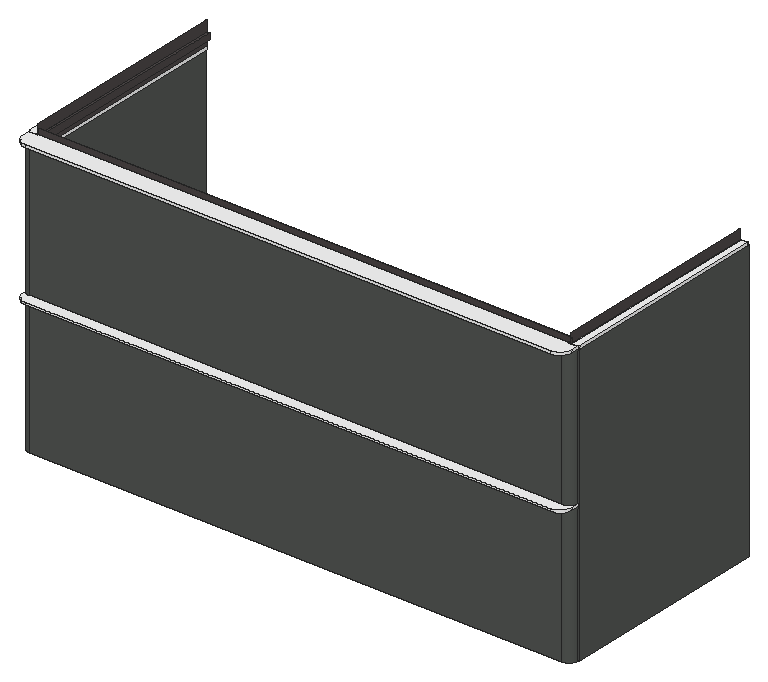
Revit family "vanity unit with 2 drawers", category Furniture, Revit 2019 (continued)
Definition of nested family "vanity unit 980_475 with 2 drawers for washbasin-54031700-high gloss white-matt_white-400_content"
  Forms (mm)
    Extrusion 6, solid, visible <- "ContentVisible", detail levels medium+fine
      sketch origin (0, 0, 305) x (1, 0, 0) y (0, 1, 0)
        loop
          line (-490, -455) -> (-490, -457)
          arc (-490, -457) -> (-484.435, -470.435) -> (-471, -476) r 19
          line (-471, -476) -> (471, -476)
          arc (471, -476) -> (484.435, -470.435) -> (490, -457) r 19
          line (490, -457) -> (490, -455) -> (-490, -455)
      from 0 to 295
    Extrusion 7, solid, visible <- "ContentVisible", detail levels medium+fine
      sketch origin (0, 0, 297) x (1, 0, 0) y (0, 1, 0)
        loop
          line (-488.5, -455) -> (-488.5, -471)
          arc (-488.5, -471) -> (-481.178, -488.678) -> (-463.5, -496) r 25
          line (-463.5, -496) -> (463.5, -496)
          arc (463.5, -496) -> (481.178, -488.678) -> (488.5, -471) r 25
          line (488.5, -471) -> (488.5, -455) -> (468.5, -455) -> (468.5, -453.5) -> (-468.5, -453.5) -> (-468.5, -455) -> (-488.5, -455)
      from 0 to 5
    Extrusion 8, solid, visible <- "ContentVisible", detail levels medium+fine
      sketch origin (0, 0, 0) x (0, 0, -1) y (0, 1, 0)
        loop
          line (-297, -453.5) -> (-297, -455) -> (-267, -455) -> (-267, -453.5) -> (-297, -453.5)
      from -468.5 to 468.5
    Extrusion 9, solid, visible <- "ContentVisible", detail levels medium+fine
      sketch origin (0, 0, 600) x (1, 0, 0) y (0, 1, 0)
        loop
          line (-488.5, -455) -> (-488.5, -471)
          arc (-488.5, -471) -> (-481.178, -488.678) -> (-463.5, -496) r 25
          line (-463.5, -496) -> (463.5, -496)
          arc (463.5, -496) -> (481.178, -488.678) -> (488.5, -471) r 25
          line (488.5, -471) -> (488.5, -455) -> (468.5, -455) -> (468.5, -453.5) -> (-468.5, -453.5) -> (-468.5, -455) -> (-488.5, -455)
      from 0 to 5
    Extrusion 10, solid, visible <- "ContentVisible", detail levels medium+fine
      sketch origin (0, 0, 0) x (0, 0, -1) y (0, 1, 0)
        loop
          line (-600, -453.5) -> (-600, -455) -> (-570, -455) -> (-570, -453.5) -> (-600, -453.5)
      from -468.5 to 468.5
    Extrusion 11, solid, visible <- "ContentVisible", detail levels medium+fine
      sketch origin (0, 0, 0) x (1, 0, 0) y (0, 0, -1)
        loop
          line (-474, -566.8) -> (-474, -605) -> (-472.5, -605) -> (-472.5, -566.8) -> (-474, -566.8)
      from -455 to 0
    Extrusion 12, solid, visible <- "ContentVisible", detail levels medium+fine
      sketch origin (0, 0, 0) x (1, 0, 0) y (0, 0, -1)
        loop
          line (472.5, -566.8) -> (472.5, -605) -> (474, -605) -> (474, -566.8) -> (472.5, -566.8)
      from -455 to 0
    Extrusion 13, solid, visible <- "ContentVisible", detail levels medium+fine
      sketch origin (0, 0, 600) x (1, 0, 0) y (0, 1, 0)
        loop
          line (-490, -3) -> (-490, -452)
          arc (-490, -452) -> (-489.121, -454.121) -> (-487, -455) r 3
          line (-487, -455) -> (-474, -455) -> (-474, 0) -> (-487, 0)
          arc (-487, 0) -> (-489.121, -0.879) -> (-490, -3) r 3
      from 0 to 5
    Extrusion 14, solid, visible <- "ContentVisible", detail levels medium+fine
      sketch origin (0, 0, 600) x (1, 0, 0) y (0, 1, 0)
        loop
          line (474, 0) -> (474, -455) -> (487, -455)
          arc (487, -455) -> (489.121, -454.121) -> (490, -452) r 3
          line (490, -452) -> (490, -3)
          arc (490, -3) -> (489.121, -0.879) -> (487, 0) r 3
          line (487, 0) -> (474, 0)
      from 0 to 5
    Extrusion 15, solid, visible <- "ContentVisible", detail levels medium+fine
      sketch origin (0, 0, 0) x (1, 0, 0) y (0, 0, -1)
        loop
          line (-472.5, -575.3) -> (-472.5, -624.5) -> (-471, -624.5) -> (-471, -602.8) -> (-466.4, -602.8) -> (-466.4, -588.3) -> (-471, -588.3) -> (-471, -575.3) -> (-472.5, -575.3)
      from -453.5 to 0
    Extrusion 16, solid, visible <- "ContentVisible", detail levels medium+fine
      sketch origin (0, 0, 0) x (1, 0, 0) y (0, 0, -1)
        loop
          line (466.4, -588.3) -> (466.4, -602.8) -> (471, -602.8) -> (471, -624.5) -> (472.5, -624.5) -> (472.5, -575.3) -> (471, -575.3) -> (471, -588.3) -> (466.4, -588.3)
      from -453.5 to 0
    Extrusion 17, solid, visible <- "ContentVisible", detail levels medium+fine
      sketch origin (0, 0, 0) x (0, 0, -1) y (0, 1, 0)
        loop
          line (-616, -453.5) -> (-567, -453.5) -> (-567, -452) -> (-588.5, -452) -> (-588.5, -447.4) -> (-603, -447.4) -> (-603, -452) -> (-616, -452) -> (-616, -453.5)
      from -472.5 to 472.5
    Extrusion 18, solid, visible <- "ContentVisible", detail levels coarse
      sketch origin (0, -248, 0) x (1, 0, 0) y (0, 1, 0)
        loop
          line (-490, -248) -> (490, -248) -> (490, 248) -> (-490, 248) -> (-490, -248)
      from 0 to 624.5
  Dimensions and locks
    aligned and locked: level to plane 2
Definition of nested family "vanity unit 980_475 with 2 drawers for washbasin-54032000-diamond matt grey-chrome-200_content"
  Parameters (values of type "Vanity unit 980_475 with 2 drawers for washbasin-54032000-Diamond Matt Grey-CHROME-200_Content")
    etim7_EC011381 = "EC011381"
    WEIGHT = "39.8"
    UNSPSC = "56 | Furniture and Furnishings"
    UNIFORMATII = "E2010 | Fixed Furnishings"
    UNICLASS_2015_CODE = "40_30_78_05"
    UNICLASS2015 = "Pr_40_30_78_05 | Bathroom furniture"
    SURFACE = "CHROME"
    REGIONSET = "Worldwide"
    PRODUCTURL = "https://pro.hansgrohe.com/articledetail--54032000"
    PRODUCTGROUP = "vanity unit"
    PRODUCTFAMILY = "Xelu Q"
    PERMALINK = "54032XXX"
    OMNICLASS = "23-21 19 15 33 13 | Residential Bathroom Specialty Casework"
    OBJECTTYPE = "Object (single object)"
    OBERFLAECHE = "Diamond Matt Grey"
    NN = "Vanity Unit with 2 Drawers"
    NBSYN = "$BASENUMBER.-$ARTNR.-$OBERFLAECHE.-$SURFACE.-$LODLEVEL."
    NB = "Vanity unit 980/475 with 2 drawers for washbasin-54032000-Diamond Matt Grey-CHROME-200"
    NAME = "Xelu Q Vanity unit Diamond Matt Grey 980/475 with 2 drawers for washbasin"
    Model = "Vanity unit 980/475 with 2 drawers for washbasin-54032000-Diamond Matt Grey-CHROME-200"
    Manufacturer = "Hansgrohe"
    MASTERFORMAT = "12 35 30.23 | Bathroom Casework"
    LODLEVEL = "200"
    LINA = "Vanity unit 980/475 with 2 drawers for washbasin-54032000-Diamond Matt Grey-CHROME-200"
    L = 980
    IFC = "Furnishing element"
    GTINCODE = "4059625455395"
    ETIM = "EC011381 | Bathroom furniture set"
    Default Elevation = 1219.2 mm
    DESIGN = "Germany"
    ContentVisible [instance] = yes
    CATALOG = "Hansgrohe"
    BIMOBJECT = "Sanitary: Compound units"
    BASENUMBER = "Vanity unit 980/475 with 2 drawers for washbasin"
    ARTNR = "54032000"
  Reference planes
    plane 1 "Center (Front/Back)": y = 0
    plane 2: z = 0
    plane 3 "Center (Left/Right)": x = 0
  Forms (mm)
    Extrusion 1, solid, visible <- "ContentVisible", detail levels medium+fine
      sketch origin (0, 0, 0) x (1, 0, 0) y (0, 1, 0)
        loop
          line (-490, 0) -> (-490, -476) -> (490, -476) -> (490, 0) -> (474, 0) -> (474, -72) -> (-474, -72) -> (-474, 0) -> (-490, 0)
      from 0 to 600
    Extrusion 2, solid, visible <- "ContentVisible", detail levels medium+fine
      sketch origin (0, 0, 297) x (1, 0, 0) y (0, 1, 0)
        loop
          line (-488.5, -453.5) -> (-488.5, -496) -> (488.5, -496) -> (488.5, -453.5) -> (-488.5, -453.5)
      from 0 to 5
    Extrusion 3, solid, visible <- "ContentVisible", detail levels medium+fine
      sketch origin (0, 0, 600) x (1, 0, 0) y (0, 1, 0)
        loop
          line (-488.5, -453.5) -> (-488.5, -496) -> (488.5, -496) -> (488.5, -453.5) -> (-488.5, -453.5)
      from 0 to 5
    Extrusion 4, solid, visible <- "ContentVisible", detail levels medium+fine
      sketch origin (0, 0, 0) x (1, 0, 0) y (0, 0, -1)
        loop
          line (-474, -566.8) -> (-474, -605) -> (-472.5, -605) -> (-472.5, -566.8) -> (-474, -566.8)
      from -455 to 0
    Extrusion 5, solid, visible <- "ContentVisible", detail levels medium+fine
      sketch origin (0, 0, 0) x (1, 0, 0) y (0, 0, -1)
        loop
          line (472.5, -566.8) -> (472.5, -605) -> (474, -605) -> (474, -566.8) -> (472.5, -566.8)
      from -455 to 0
    Extrusion 6, solid, visible <- "ContentVisible", detail levels medium+fine
      sketch origin (0, 0, 600) x (1, 0, 0) y (0, 1, 0)
        loop
          line (-490, 0) -> (-490, -455) -> (-474, -455) -> (-474, 0) -> (-490, 0)
      from 0 to 5
    Extrusion 7, solid, visible <- "ContentVisible", detail levels medium+fine
      sketch origin (0, 0, 600) x (1, 0, 0) y (0, 1, 0)
        loop
          line (474, 0) -> (474, -455) -> (490, -455) -> (490, 0) -> (474, 0)
      from 0 to 5
    Extrusion 8, solid, visible <- "ContentVisible", detail levels medium+fine
      sketch origin (0, 0, 0) x (1, 0, 0) y (0, 0, -1)
        loop
          line (-472.5, -575.3) -> (-472.5, -624.5) -> (-466.4, -624.5) -> (-466.4, -575.3) -> (-472.5, -575.3)
      from -453.5 to 0
    Extrusion 9, solid, visible <- "ContentVisible", detail levels medium+fine
      sketch origin (0, 0, 0) x (1, 0, 0) y (0, 0, -1)
        loop
          line (466.4, -575.3) -> (466.4, -624.5) -> (472.5, -624.5) -> (472.5, -575.3) -> (466.4, -575.3)
      from -453.5 to 0
    Extrusion 10, solid, visible <- "ContentVisible", detail levels medium+fine
      sketch origin (0, 0, 0) x (0, 0, -1) y (0, 1, 0)
        loop
          line (-616, -453.5) -> (-567, -453.5) -> (-567, -447.4) -> (-616, -447.4) -> (-616, -453.5)
      from -472.5 to 472.5
    Extrusion 11, solid, visible <- "ContentVisible", detail levels coarse
      sketch origin (0, -248, 0) x (1, 0, 0) y (0, 1, 0)
        loop
          line (-490, -248) -> (490, -248) -> (490, 248) -> (-490, 248) -> (-490, -248)
      from 0 to 624.5
  Dimensions and locks
    aligned and locked: level to plane 2
Definition of nested family "vanity unit 980_475 with 2 drawers for washbasin-54032000-diamond matt grey-chrome-400_content"
  Parameters (values of type "Vanity unit 980_475 with 2 drawers for washbasin-54032000-Diamond Matt Grey-CHROME-400_Content")
    etim7_EC011381 = "EC011381"
    WEIGHT = "39.8"
    UNSPSC = "56 | Furniture and Furnishings"
    UNIFORMATII = "E2010 | Fixed Furnishings"
    UNICLASS_2015_CODE = "40_30_78_05"
    UNICLASS2015 = "Pr_40_30_78_05 | Bathroom furniture"
    SURFACE = "CHROME"
    REGIONSET = "Worldwide"
    PRODUCTURL = "https://pro.hansgrohe.com/articledetail--54032000"
    PRODUCTGROUP = "vanity unit"
    PRODUCTFAMILY = "Xelu Q"
    PERMALINK = "54032XXX"
    OMNICLASS = "23-21 19 15 33 13 | Residential Bathroom Specialty Casework"
    OBJECTTYPE = "Object (single object)"
    OBERFLAECHE = "Diamond Matt Grey"
    NN = "Vanity Unit with 2 Drawers"
    NBSYN = "$BASENUMBER.-$ARTNR.-$OBERFLAECHE.-$SURFACE.-$LODLEVEL."
    NB = "Vanity unit 980/475 with 2 drawers for washbasin-54032000-Diamond Matt Grey-CHROME-400"
    NAME = "Xelu Q Vanity unit Diamond Matt Grey 980/475 with 2 drawers for washbasin"
    Model = "Vanity unit 980/475 with 2 drawers for washbasin-54032000-Diamond Matt Grey-CHROME-400"
    Manufacturer = "Hansgrohe"
    MASTERFORMAT = "12 35 30.23 | Bathroom Casework"
    LODLEVEL = "400"
    LINA = "Vanity unit 980/475 with 2 drawers for washbasin-54032000-Diamond Matt Grey-CHROME-400"
    L = 980
    IFC = "Furnishing element"
    GTINCODE = "4059625455395"
    ETIM = "EC011381 | Bathroom furniture set"
    Default Elevation = 1219.2 mm
    DESIGN = "Germany"
    ContentVisible [instance] = yes
    CATALOG = "Hansgrohe"
    BIMOBJECT = "Sanitary: Compound units"
    BASENUMBER = "Vanity unit 980/475 with 2 drawers for washbasin"
    ARTNR = "54032000"
  Reference planes
    plane 1 "Center (Front/Back)": y = 0
    plane 2: z = 0
    plane 3 "Center (Left/Right)": x = 0
  Forms (mm)
    Extrusion 1, solid, visible <- "ContentVisible", detail levels medium+fine
      sketch origin (0, 0, 0) x (1, 0, 0) y (0, 1, 0)
        loop
          line (-490, 0) -> (-490, -452)
          arc (-490, -452) -> (-489.121, -454.121) -> (-487, -455) r 3
          line (-487, -455) -> (-474, -455) -> (-474, 0) -> (-490, 0)
      from 0 to 600
    Extrusion 2, solid, visible <- "ContentVisible", detail levels medium+fine
      sketch origin (0, 0, 2) x (1, 0, 0) y (0, 1, 0)
        loop
          line (-474, -88) -> (-474, -455) -> (474, -455) -> (474, -88) -> (-474, -88)
      from 0 to 16
    Extrusion 3, solid, visible <- "ContentVisible", detail levels medium+fine
      sketch origin (0, 0, 0) x (1, 0, 0) y (0, 1, 0)
        loop
          line (474, 0) -> (474, -455) -> (487, -455)
          arc (487, -455) -> (489.121, -454.121) -> (490, -452) r 3
          line (490, -452) -> (490, 0) -> (474, 0)
      from 0 to 600
    Extrusion 4, solid, visible <- "ContentVisible", detail levels medium+fine
      sketch origin (0, 0, 2) x (1, 0, 0) y (0, 1, 0)
        loop
          line (-474, -72) -> (-474, -88) -> (474, -88) -> (474, -72) -> (-474, -72)
      from 0 to 126
    Extrusion 5, solid, visible <- "ContentVisible", detail levels medium+fine
      sketch origin (0, 0, 2) x (1, 0, 0) y (0, 1, 0)
        loop
          line (-490, -455) -> (-490, -457)
          arc (-490, -457) -> (-484.435, -470.435) -> (-471, -476) r 19
          line (-471, -476) -> (471, -476)
          arc (471, -476) -> (484.435, -470.435) -> (490, -457) r 19
          line (490, -457) -> (490, -455) -> (-490, -455)
      from 0 to 295
    Extrusion 6, solid, visible <- "ContentVisible", detail levels medium+fine
      sketch origin (0, 0, 305) x (1, 0, 0) y (0, 1, 0)
        loop
          line (-490, -455) -> (-490, -457)
          arc (-490, -457) -> (-484.435, -470.435) -> (-471, -476) r 19
          line (-471, -476) -> (471, -476)
          arc (471, -476) -> (484.435, -470.435) -> (490, -457) r 19
          line (490, -457) -> (490, -455) -> (-490, -455)
      from 0 to 295
    Extrusion 7, solid, visible <- "ContentVisible", detail levels medium+fine
      sketch origin (0, 0, 297) x (1, 0, 0) y (0, 1, 0)
        loop
          line (-488.5, -455) -> (-488.5, -471)
          arc (-488.5, -471) -> (-481.178, -488.678) -> (-463.5, -496) r 25
          line (-463.5, -496) -> (463.5, -496)
          arc (463.5, -496) -> (481.178, -488.678) -> (488.5, -471) r 25
          line (488.5, -471) -> (488.5, -455) -> (468.5, -455) -> (468.5, -453.5) -> (-468.5, -453.5) -> (-468.5, -455) -> (-488.5, -455)
      from 0 to 5
    Extrusion 8, solid, visible <- "ContentVisible", detail levels medium+fine
      sketch origin (0, 0, 0) x (0, 0, -1) y (0, 1, 0)
        loop
          line (-297, -453.5) -> (-297, -455) -> (-267, -455) -> (-267, -453.5) -> (-297, -453.5)
      from -468.5 to 468.5
    Extrusion 9, solid, visible <- "ContentVisible", detail levels medium+fine
      sketch origin (0, 0, 600) x (1, 0, 0) y (0, 1, 0)
        loop
          line (-488.5, -455) -> (-488.5, -471)
          arc (-488.5, -471) -> (-481.178, -488.678) -> (-463.5, -496) r 25
          line (-463.5, -496) -> (463.5, -496)
          arc (463.5, -496) -> (481.178, -488.678) -> (488.5, -471) r 25
          line (488.5, -471) -> (488.5, -455) -> (468.5, -455) -> (468.5, -453.5) -> (-468.5, -453.5) -> (-468.5, -455) -> (-488.5, -455)
      from 0 to 5
    Extrusion 10, solid, visible <- "ContentVisible", detail levels medium+fine
      sketch origin (0, 0, 0) x (0, 0, -1) y (0, 1, 0)
        loop
          line (-600, -453.5) -> (-600, -455) -> (-570, -455) -> (-570, -453.5) -> (-600, -453.5)
      from -468.5 to 468.5
    Extrusion 11, solid, visible <- "ContentVisible", detail levels medium+fine
      sketch origin (0, 0, 0) x (1, 0, 0) y (0, 0, -1)
        loop
          line (-474, -566.8) -> (-474, -605) -> (-472.5, -605) -> (-472.5, -566.8) -> (-474, -566.8)
      from -455 to 0
    Extrusion 12, solid, visible <- "ContentVisible", detail levels medium+fine
      sketch origin (0, 0, 0) x (1, 0, 0) y (0, 0, -1)
        loop
          line (472.5, -566.8) -> (472.5, -605) -> (474, -605) -> (474, -566.8) -> (472.5, -566.8)
      from -455 to 0
    Extrusion 13, solid, visible <- "ContentVisible", detail levels medium+fine
      sketch origin (0, 0, 600) x (1, 0, 0) y (0, 1, 0)
        loop
          line (-490, -3) -> (-490, -452)
          arc (-490, -452) -> (-489.121, -454.121) -> (-487, -455) r 3
          line (-487, -455) -> (-474, -455) -> (-474, 0) -> (-487, 0)
          arc (-487, 0) -> (-489.121, -0.879) -> (-490, -3) r 3
      from 0 to 5
    Extrusion 14, solid, visible <- "ContentVisible", detail levels medium+fine
      sketch origin (0, 0, 600) x (1, 0, 0) y (0, 1, 0)
        loop
          line (474, 0) -> (474, -455) -> (487, -455)
          arc (487, -455) -> (489.121, -454.121) -> (490, -452) r 3
          line (490, -452) -> (490, -3)
          arc (490, -3) -> (489.121, -0.879) -> (487, 0) r 3
          line (487, 0) -> (474, 0)
      from 0 to 5
    Extrusion 15, solid, visible <- "ContentVisible", detail levels medium+fine
      sketch origin (0, 0, 0) x (1, 0, 0) y (0, 0, -1)
        loop
          line (-472.5, -575.3) -> (-472.5, -624.5) -> (-471, -624.5) -> (-471, -602.8) -> (-466.4, -602.8) -> (-466.4, -588.3) -> (-471, -588.3) -> (-471, -575.3) -> (-472.5, -575.3)
      from -453.5 to 0
    Extrusion 16, solid, visible <- "ContentVisible", detail levels medium+fine
      sketch origin (0, 0, 0) x (1, 0, 0) y (0, 0, -1)
        loop
          line (466.4, -588.3) -> (466.4, -602.8) -> (471, -602.8) -> (471, -624.5) -> (472.5, -624.5) -> (472.5, -575.3) -> (471, -575.3) -> (471, -588.3) -> (466.4, -588.3)
      from -453.5 to 0
    Extrusion 17, solid, visible <- "ContentVisible", detail levels medium+fine
      sketch origin (0, 0, 0) x (0, 0, -1) y (0, 1, 0)
        loop
          line (-616, -453.5) -> (-567, -453.5) -> (-567, -452) -> (-588.5, -452) -> (-588.5, -447.4) -> (-603, -447.4) -> (-603, -452) -> (-616, -452) -> (-616, -453.5)
      from -472.5 to 472.5
    Extrusion 18, solid, visible <- "ContentVisible", detail levels coarse
      sketch origin (0, -248, 0) x (1, 0, 0) y (0, 1, 0)
        loop
          line (-490, -248) -> (490, -248) -> (490, 248) -> (-490, 248) -> (-490, -248)
      from 0 to 624.5
  Dimensions and locks
    aligned and locked: level to plane 2
Definition of nested family "vanity unit 980_475 with 2 drawers for washbasin-54032670-diamond matt grey-matt_black-200_content"
  Parameters (values of type "Vanity unit 980_475 with 2 drawers for washbasin-54032670-Diamond Matt Grey-MATT_BLACK-200_Content")
    etim7_EC011381 = "EC011381"
    WEIGHT = "39.8"
    UNSPSC = "56 | Furniture and Furnishings"
    UNIFORMATII = "E2010 | Fixed Furnishings"
    UNICLASS_2015_CODE = "40_30_78_05"
    UNICLASS2015 = "Pr_40_30_78_05 | Bathroom furniture"
    SURFACE = "MATT_BLACK"
    REGIONSET = "Worldwide"
    PRODUCTURL = "https://pro.hansgrohe.com/articledetail--54032000"
    PRODUCTGROUP = "vanity unit"
    PRODUCTFAMILY = "Xelu Q"
    PERMALINK = "54032XXX"
    OMNICLASS = "23-21 19 15 33 13 | Residential Bathroom Specialty Casework"
    OBJECTTYPE = "Object (single object)"
    OBERFLAECHE = "Diamond Matt Grey"
    NN = "Vanity Unit with 2 Drawers"
    NBSYN = "$BASENUMBER.-$ARTNR.-$OBERFLAECHE.-$SURFACE.-$LODLEVEL."
    NB = "Vanity unit 980/475 with 2 drawers for washbasin-54032670-Diamond Matt Grey-MATT_BLACK-200"
    NAME = "Xelu Q Vanity unit Diamond Matt Grey 980/475 with 2 drawers for washbasin"
    Model = "Vanity unit 980/475 with 2 drawers for washbasin-54032670-Diamond Matt Grey-MATT_BLACK-200"
    Manufacturer = "Hansgrohe"
    MASTERFORMAT = "12 35 30.23 | Bathroom Casework"
    LODLEVEL = "200"
    LINA = "Vanity unit 980/475 with 2 drawers for washbasin-54032670-Diamond Matt Grey-MATT_BLACK-200"
    L = 980
    IFC = "Furnishing element"
    GTINCODE = "4059625455395"
    ETIM = "EC011381 | Bathroom furniture set"
    Default Elevation = 1219.2 mm
    DESIGN = "Germany"
    ContentVisible [instance] = yes
    CATALOG = "Hansgrohe"
    BIMOBJECT = "Sanitary: Compound units"
    BASENUMBER = "Vanity unit 980/475 with 2 drawers for washbasin"
    ARTNR = "54032670"
  Reference planes
    plane 1 "Center (Front/Back)": y = 0
    plane 2: z = 0
    plane 3 "Center (Left/Right)": x = 0
  Forms (mm)
    Extrusion 1, solid, visible <- "ContentVisible", detail levels medium+fine
      sketch origin (0, 0, 0) x (1, 0, 0) y (0, 1, 0)
        loop
          line (-490, 0) -> (-490, -476) -> (490, -476) -> (490, 0) -> (474, 0) -> (474, -72) -> (-474, -72) -> (-474, 0) -> (-490, 0)
      from 0 to 600
    Extrusion 2, solid, visible <- "ContentVisible", detail levels medium+fine
      sketch origin (0, 0, 297) x (1, 0, 0) y (0, 1, 0)
        loop
          line (-488.5, -453.5) -> (-488.5, -496) -> (488.5, -496) -> (488.5, -453.5) -> (-488.5, -453.5)
      from 0 to 5
    Extrusion 3, solid, visible <- "ContentVisible", detail levels medium+fine
      sketch origin (0, 0, 600) x (1, 0, 0) y (0, 1, 0)
        loop
          line (-488.5, -453.5) -> (-488.5, -496) -> (488.5, -496) -> (488.5, -453.5) -> (-488.5, -453.5)
      from 0 to 5
    Extrusion 4, solid, visible <- "ContentVisible", detail levels medium+fine
      sketch origin (0, 0, 0) x (1, 0, 0) y (0, 0, -1)
        loop
          line (-474, -566.8) -> (-474, -605) -> (-472.5, -605) -> (-472.5, -566.8) -> (-474, -566.8)
      from -455 to 0
    Extrusion 5, solid, visible <- "ContentVisible", detail levels medium+fine
      sketch origin (0, 0, 0) x (1, 0, 0) y (0, 0, -1)
        loop
          line (472.5, -566.8) -> (472.5, -605) -> (474, -605) -> (474, -566.8) -> (472.5, -566.8)
      from -455 to 0
    Extrusion 6, solid, visible <- "ContentVisible", detail levels medium+fine
      sketch origin (0, 0, 600) x (1, 0, 0) y (0, 1, 0)
        loop
          line (-490, 0) -> (-490, -455) -> (-474, -455) -> (-474, 0) -> (-490, 0)
      from 0 to 5
    Extrusion 7, solid, visible <- "ContentVisible", detail levels medium+fine
      sketch origin (0, 0, 600) x (1, 0, 0) y (0, 1, 0)
        loop
          line (474, 0) -> (474, -455) -> (490, -455) -> (490, 0) -> (474, 0)
      from 0 to 5
    Extrusion 8, solid, visible <- "ContentVisible", detail levels medium+fine
      sketch origin (0, 0, 0) x (1, 0, 0) y (0, 0, -1)
        loop
          line (-472.5, -575.3) -> (-472.5, -624.5) -> (-466.4, -624.5) -> (-466.4, -575.3) -> (-472.5, -575.3)
      from -453.5 to 0
    Extrusion 9, solid, visible <- "ContentVisible", detail levels medium+fine
      sketch origin (0, 0, 0) x (1, 0, 0) y (0, 0, -1)
        loop
          line (466.4, -575.3) -> (466.4, -624.5) -> (472.5, -624.5) -> (472.5, -575.3) -> (466.4, -575.3)
      from -453.5 to 0
    Extrusion 10, solid, visible <- "ContentVisible", detail levels medium+fine
      sketch origin (0, 0, 0) x (0, 0, -1) y (0, 1, 0)
        loop
          line (-616, -453.5) -> (-567, -453.5) -> (-567, -447.4) -> (-616, -447.4) -> (-616, -453.5)
      from -472.5 to 472.5
    Extrusion 11, solid, visible <- "ContentVisible", detail levels coarse
      sketch origin (0, -248, 0) x (1, 0, 0) y (0, 1, 0)
        loop
          line (-490, -248) -> (490, -248) -> (490, 248) -> (-490, 248) -> (-490, -248)
      from 0 to 624.5
  Dimensions and locks
    aligned and locked: level to plane 2
Definition of nested family "vanity unit 980_475 with 2 drawers for washbasin-54032670-diamond matt grey-matt_black-400_content"
  Parameters (values of type "Vanity unit 980_475 with 2 drawers for washbasin-54032670-Diamond Matt Grey-MATT_BLACK-400_Content")
    etim7_EC011381 = "EC011381"
    WEIGHT = "39.8"
    UNSPSC = "56 | Furniture and Furnishings"
    UNIFORMATII = "E2010 | Fixed Furnishings"
    UNICLASS_2015_CODE = "40_30_78_05"
    UNICLASS2015 = "Pr_40_30_78_05 | Bathroom furniture"
    SURFACE = "MATT_BLACK"
    REGIONSET = "Worldwide"
    PRODUCTURL = "https://pro.hansgrohe.com/articledetail--54032000"
    PRODUCTGROUP = "vanity unit"
    PRODUCTFAMILY = "Xelu Q"
    PERMALINK = "54032XXX"
    OMNICLASS = "23-21 19 15 33 13 | Residential Bathroom Specialty Casework"
    OBJECTTYPE = "Object (single object)"
    OBERFLAECHE = "Diamond Matt Grey"
    NN = "Vanity Unit with 2 Drawers"
    NBSYN = "$BASENUMBER.-$ARTNR.-$OBERFLAECHE.-$SURFACE.-$LODLEVEL."
    NB = "Vanity unit 980/475 with 2 drawers for washbasin-54032670-Diamond Matt Grey-MATT_BLACK-400"
    NAME = "Xelu Q Vanity unit Diamond Matt Grey 980/475 with 2 drawers for washbasin"
    Model = "Vanity unit 980/475 with 2 drawers for washbasin-54032670-Diamond Matt Grey-MATT_BLACK-400"
    Manufacturer = "Hansgrohe"
    MASTERFORMAT = "12 35 30.23 | Bathroom Casework"
    LODLEVEL = "400"
    LINA = "Vanity unit 980/475 with 2 drawers for washbasin-54032670-Diamond Matt Grey-MATT_BLACK-400"
    L = 980
    IFC = "Furnishing element"
    GTINCODE = "4059625455395"
    ETIM = "EC011381 | Bathroom furniture set"
    Default Elevation = 1219.2 mm
    DESIGN = "Germany"
    ContentVisible [instance] = yes
    CATALOG = "Hansgrohe"
    BIMOBJECT = "Sanitary: Compound units"
    BASENUMBER = "Vanity unit 980/475 with 2 drawers for washbasin"
    ARTNR = "54032670"
  Reference planes
    plane 1 "Center (Front/Back)": y = 0
    plane 2: z = 0
    plane 3 "Center (Left/Right)": x = 0
  Forms (mm)
    Extrusion 1, solid, visible <- "ContentVisible", detail levels medium+fine
      sketch origin (0, 0, 0) x (1, 0, 0) y (0, 1, 0)
        loop
          line (-490, 0) -> (-490, -452)
          arc (-490, -452) -> (-489.121, -454.121) -> (-487, -455) r 3
          line (-487, -455) -> (-474, -455) -> (-474, 0) -> (-490, 0)
      from 0 to 600
    Extrusion 2, solid, visible <- "ContentVisible", detail levels medium+fine
      sketch origin (0, 0, 2) x (1, 0, 0) y (0, 1, 0)
        loop
          line (-474, -88) -> (-474, -455) -> (474, -455) -> (474, -88) -> (-474, -88)
      from 0 to 16
    Extrusion 3, solid, visible <- "ContentVisible", detail levels medium+fine
      sketch origin (0, 0, 0) x (1, 0, 0) y (0, 1, 0)
        loop
          line (474, 0) -> (474, -455) -> (487, -455)
          arc (487, -455) -> (489.121, -454.121) -> (490, -452) r 3
          line (490, -452) -> (490, 0) -> (474, 0)
      from 0 to 600
    Extrusion 4, solid, visible <- "ContentVisible", detail levels medium+fine
      sketch origin (0, 0, 2) x (1, 0, 0) y (0, 1, 0)
        loop
          line (-474, -72) -> (-474, -88) -> (474, -88) -> (474, -72) -> (-474, -72)
      from 0 to 126
    Extrusion 5, solid, visible <- "ContentVisible", detail levels medium+fine
      sketch origin (0, 0, 2) x (1, 0, 0) y (0, 1, 0)
        loop
          line (-490, -455) -> (-490, -457)
          arc (-490, -457) -> (-484.435, -470.435) -> (-471, -476) r 19
          line (-471, -476) -> (471, -476)
          arc (471, -476) -> (484.435, -470.435) -> (490, -457) r 19
          line (490, -457) -> (490, -455) -> (-490, -455)
      from 0 to 295
    Extrusion 6, solid, visible <- "ContentVisible", detail levels medium+fine
      sketch origin (0, 0, 305) x (1, 0, 0) y (0, 1, 0)
        loop
          line (-490, -455) -> (-490, -457)
          arc (-490, -457) -> (-484.435, -470.435) -> (-471, -476) r 19
          line (-471, -476) -> (471, -476)
          arc (471, -476) -> (484.435, -470.435) -> (490, -457) r 19
          line (490, -457) -> (490, -455) -> (-490, -455)
      from 0 to 295
    Extrusion 7, solid, visible <- "ContentVisible", detail levels medium+fine
      sketch origin (0, 0, 297) x (1, 0, 0) y (0, 1, 0)
        loop
          line (-488.5, -455) -> (-488.5, -471)
          arc (-488.5, -471) -> (-481.178, -488.678) -> (-463.5, -496) r 25
          line (-463.5, -496) -> (463.5, -496)
          arc (463.5, -496) -> (481.178, -488.678) -> (488.5, -471) r 25
          line (488.5, -471) -> (488.5, -455) -> (468.5, -455) -> (468.5, -453.5) -> (-468.5, -453.5) -> (-468.5, -455) -> (-488.5, -455)
      from 0 to 5
    Extrusion 8, solid, visible <- "ContentVisible", detail levels medium+fine
      sketch origin (0, 0, 0) x (0, 0, -1) y (0, 1, 0)
        loop
          line (-297, -453.5) -> (-297, -455) -> (-267, -455) -> (-267, -453.5) -> (-297, -453.5)
      from -468.5 to 468.5
    Extrusion 9, solid, visible <- "ContentVisible", detail levels medium+fine
      sketch origin (0, 0, 600) x (1, 0, 0) y (0, 1, 0)
        loop
          line (-488.5, -455) -> (-488.5, -471)
          arc (-488.5, -471) -> (-481.178, -488.678) -> (-463.5, -496) r 25
          line (-463.5, -496) -> (463.5, -496)
          arc (463.5, -496) -> (481.178, -488.678) -> (488.5, -471) r 25
          line (488.5, -471) -> (488.5, -455) -> (468.5, -455) -> (468.5, -453.5) -> (-468.5, -453.5) -> (-468.5, -455) -> (-488.5, -455)
      from 0 to 5
    Extrusion 10, solid, visible <- "ContentVisible", detail levels medium+fine
      sketch origin (0, 0, 0) x (0, 0, -1) y (0, 1, 0)
        loop
          line (-600, -453.5) -> (-600, -455) -> (-570, -455) -> (-570, -453.5) -> (-600, -453.5)
      from -468.5 to 468.5
    Extrusion 11, solid, visible <- "ContentVisible", detail levels medium+fine
      sketch origin (0, 0, 0) x (1, 0, 0) y (0, 0, -1)
        loop
          line (-474, -566.8) -> (-474, -605) -> (-472.5, -605) -> (-472.5, -566.8) -> (-474, -566.8)
      from -455 to 0
    Extrusion 12, solid, visible <- "ContentVisible", detail levels medium+fine
      sketch origin (0, 0, 0) x (1, 0, 0) y (0, 0, -1)
        loop
          line (472.5, -566.8) -> (472.5, -605) -> (474, -605) -> (474, -566.8) -> (472.5, -566.8)
      from -455 to 0
    Extrusion 13, solid, visible <- "ContentVisible", detail levels medium+fine
      sketch origin (0, 0, 600) x (1, 0, 0) y (0, 1, 0)
        loop
          line (-490, -3) -> (-490, -452)
          arc (-490, -452) -> (-489.121, -454.121) -> (-487, -455) r 3
          line (-487, -455) -> (-474, -455) -> (-474, 0) -> (-487, 0)
          arc (-487, 0) -> (-489.121, -0.879) -> (-490, -3) r 3
      from 0 to 5
    Extrusion 14, solid, visible <- "ContentVisible", detail levels medium+fine
      sketch origin (0, 0, 600) x (1, 0, 0) y (0, 1, 0)
        loop
          line (474, 0) -> (474, -455) -> (487, -455)
          arc (487, -455) -> (489.121, -454.121) -> (490, -452) r 3
          line (490, -452) -> (490, -3)
          arc (490, -3) -> (489.121, -0.879) -> (487, 0) r 3
          line (487, 0) -> (474, 0)
      from 0 to 5
    Extrusion 15, solid, visible <- "ContentVisible", detail levels medium+fine
      sketch origin (0, 0, 0) x (1, 0, 0) y (0, 0, -1)
        loop
          line (-472.5, -575.3) -> (-472.5, -624.5) -> (-471, -624.5) -> (-471, -602.8) -> (-466.4, -602.8) -> (-466.4, -588.3) -> (-471, -588.3) -> (-471, -575.3) -> (-472.5, -575.3)
      from -453.5 to 0
    Extrusion 16, solid, visible <- "ContentVisible", detail levels medium+fine
      sketch origin (0, 0, 0) x (1, 0, 0) y (0, 0, -1)
        loop
          line (466.4, -588.3) -> (466.4, -602.8) -> (471, -602.8) -> (471, -624.5) -> (472.5, -624.5) -> (472.5, -575.3) -> (471, -575.3) -> (471, -588.3) -> (466.4, -588.3)
      from -453.5 to 0
    Extrusion 17, solid, visible <- "ContentVisible", detail levels medium+fine
      sketch origin (0, 0, 0) x (0, 0, -1) y (0, 1, 0)
        loop
          line (-616, -453.5) -> (-567, -453.5) -> (-567, -452) -> (-588.5, -452) -> (-588.5, -447.4) -> (-603, -447.4) -> (-603, -452) -> (-616, -452) -> (-616, -453.5)
      from -472.5 to 472.5
    Extrusion 18, solid, visible <- "ContentVisible", detail levels coarse
      sketch origin (0, -248, 0) x (1, 0, 0) y (0, 1, 0)
        loop
          line (-490, -248) -> (490, -248) -> (490, 248) -> (-490, 248) -> (-490, -248)
      from 0 to 624.5
  Dimensions and locks
    aligned and locked: level to plane 2
Definition of nested family "vanity unit 980_475 with 2 drawers for washbasin-54032700-diamond matt grey-matt_white-200_content"
  Parameters (values of type "Vanity unit 980_475 with 2 drawers for washbasin-54032700-Diamond Matt Grey-MATT_WHITE-200_Content")
    etim7_EC011381 = "EC011381"
    WEIGHT = "39.8"
    UNSPSC = "56 | Furniture and Furnishings"
    UNIFORMATII = "E2010 | Fixed Furnishings"
    UNICLASS_2015_CODE = "40_30_78_05"
    UNICLASS2015 = "Pr_40_30_78_05 | Bathroom furniture"
    SURFACE = "MATT_WHITE"
    REGIONSET = "Worldwide"
    PRODUCTURL = "https://pro.hansgrohe.com/articledetail--54032000"
    PRODUCTGROUP = "vanity unit"
    PRODUCTFAMILY = "Xelu Q"
    PERMALINK = "54032XXX"
    OMNICLASS = "23-21 19 15 33 13 | Residential Bathroom Specialty Casework"
    OBJECTTYPE = "Object (single object)"
    OBERFLAECHE = "Diamond Matt Grey"
    NN = "Vanity Unit with 2 Drawers"
    NBSYN = "$BASENUMBER.-$ARTNR.-$OBERFLAECHE.-$SURFACE.-$LODLEVEL."
    NB = "Vanity unit 980/475 with 2 drawers for washbasin-54032700-Diamond Matt Grey-MATT_WHITE-200"
    NAME = "Xelu Q Vanity unit Diamond Matt Grey 980/475 with 2 drawers for washbasin"
    Model = "Vanity unit 980/475 with 2 drawers for washbasin-54032700-Diamond Matt Grey-MATT_WHITE-200"
    Manufacturer = "Hansgrohe"
    MASTERFORMAT = "12 35 30.23 | Bathroom Casework"
    LODLEVEL = "200"
    LINA = "Vanity unit 980/475 with 2 drawers for washbasin-54032700-Diamond Matt Grey-MATT_WHITE-200"
    L = 980
    IFC = "Furnishing element"
    GTINCODE = "4059625455395"
    ETIM = "EC011381 | Bathroom furniture set"
    Default Elevation = 1219.2 mm
    DESIGN = "Germany"
    ContentVisible [instance] = yes
    CATALOG = "Hansgrohe"
    BIMOBJECT = "Sanitary: Compound units"
    BASENUMBER = "Vanity unit 980/475 with 2 drawers for washbasin"
    ARTNR = "54032700"
  Reference planes
    plane 1 "Center (Front/Back)": y = 0
    plane 2: z = 0
    plane 3 "Center (Left/Right)": x = 0
  Forms (mm)
    Extrusion 1, solid, visible <- "ContentVisible", detail levels medium+fine
      sketch origin (0, 0, 0) x (1, 0, 0) y (0, 1, 0)
        loop
          line (-490, 0) -> (-490, -476) -> (490, -476) -> (490, 0) -> (474, 0) -> (474, -72) -> (-474, -72) -> (-474, 0) -> (-490, 0)
      from 0 to 600
    Extrusion 2, solid, visible <- "ContentVisible", detail levels medium+fine
      sketch origin (0, 0, 297) x (1, 0, 0) y (0, 1, 0)
        loop
          line (-488.5, -453.5) -> (-488.5, -496) -> (488.5, -496) -> (488.5, -453.5) -> (-488.5, -453.5)
      from 0 to 5
    Extrusion 3, solid, visible <- "ContentVisible", detail levels medium+fine
      sketch origin (0, 0, 600) x (1, 0, 0) y (0, 1, 0)
        loop
          line (-488.5, -453.5) -> (-488.5, -496) -> (488.5, -496) -> (488.5, -453.5) -> (-488.5, -453.5)
      from 0 to 5
    Extrusion 4, solid, visible <- "ContentVisible", detail levels medium+fine
      sketch origin (0, 0, 0) x (1, 0, 0) y (0, 0, -1)
        loop
          line (-474, -566.8) -> (-474, -605) -> (-472.5, -605) -> (-472.5, -566.8) -> (-474, -566.8)
      from -455 to 0
    Extrusion 5, solid, visible <- "ContentVisible", detail levels medium+fine
      sketch origin (0, 0, 0) x (1, 0, 0) y (0, 0, -1)
        loop
          line (472.5, -566.8) -> (472.5, -605) -> (474, -605) -> (474, -566.8) -> (472.5, -566.8)
      from -455 to 0
    Extrusion 6, solid, visible <- "ContentVisible", detail levels medium+fine
      sketch origin (0, 0, 600) x (1, 0, 0) y (0, 1, 0)
        loop
          line (-490, 0) -> (-490, -455) -> (-474, -455) -> (-474, 0) -> (-490, 0)
      from 0 to 5
    Extrusion 7, solid, visible <- "ContentVisible", detail levels medium+fine
      sketch origin (0, 0, 600) x (1, 0, 0) y (0, 1, 0)
        loop
          line (474, 0) -> (474, -455) -> (490, -455) -> (490, 0) -> (474, 0)
      from 0 to 5
    Extrusion 8, solid, visible <- "ContentVisible", detail levels medium+fine
      sketch origin (0, 0, 0) x (1, 0, 0) y (0, 0, -1)
        loop
          line (-472.5, -575.3) -> (-472.5, -624.5) -> (-466.4, -624.5) -> (-466.4, -575.3) -> (-472.5, -575.3)
      from -453.5 to 0
    Extrusion 9, solid, visible <- "ContentVisible", detail levels medium+fine
      sketch origin (0, 0, 0) x (1, 0, 0) y (0, 0, -1)
        loop
          line (466.4, -575.3) -> (466.4, -624.5) -> (472.5, -624.5) -> (472.5, -575.3) -> (466.4, -575.3)
      from -453.5 to 0
    Extrusion 10, solid, visible <- "ContentVisible", detail levels medium+fine
      sketch origin (0, 0, 0) x (0, 0, -1) y (0, 1, 0)
        loop
          line (-616, -453.5) -> (-567, -453.5) -> (-567, -447.4) -> (-616, -447.4) -> (-616, -453.5)
      from -472.5 to 472.5
    Extrusion 11, solid, visible <- "ContentVisible", detail levels coarse
      sketch origin (0, -248, 0) x (1, 0, 0) y (0, 1, 0)
        loop
          line (-490, -248) -> (490, -248) -> (490, 248) -> (-490, 248) -> (-490, -248)
      from 0 to 624.5
  Dimensions and locks
    aligned and locked: level to plane 2
Definition of nested family "vanity unit 980_475 with 2 drawers for washbasin-54032700-diamond matt grey-matt_white-400_content"
  Parameters (values of type "Vanity unit 980_475 with 2 drawers for washbasin-54032700-Diamond Matt Grey-MATT_WHITE-400_Content")
    etim7_EC011381 = "EC011381"
    WEIGHT = "39.8"
    UNSPSC = "56 | Furniture and Furnishings"
    UNIFORMATII = "E2010 | Fixed Furnishings"
    UNICLASS_2015_CODE = "40_30_78_05"
    UNICLASS2015 = "Pr_40_30_78_05 | Bathroom furniture"
    SURFACE = "MATT_WHITE"
    REGIONSET = "Worldwide"
    PRODUCTURL = "https://pro.hansgrohe.com/articledetail--54032000"
    PRODUCTGROUP = "vanity unit"
    PRODUCTFAMILY = "Xelu Q"
    PERMALINK = "54032XXX"
    OMNICLASS = "23-21 19 15 33 13 | Residential Bathroom Specialty Casework"
    OBJECTTYPE = "Object (single object)"
    OBERFLAECHE = "Diamond Matt Grey"
    NN = "Vanity Unit with 2 Drawers"
    NBSYN = "$BASENUMBER.-$ARTNR.-$OBERFLAECHE.-$SURFACE.-$LODLEVEL."
    NB = "Vanity unit 980/475 with 2 drawers for washbasin-54032700-Diamond Matt Grey-MATT_WHITE-400"
    NAME = "Xelu Q Vanity unit Diamond Matt Grey 980/475 with 2 drawers for washbasin"
    Model = "Vanity unit 980/475 with 2 drawers for washbasin-54032700-Diamond Matt Grey-MATT_WHITE-400"
    Manufacturer = "Hansgrohe"
    MASTERFORMAT = "12 35 30.23 | Bathroom Casework"
    LODLEVEL = "400"
    LINA = "Vanity unit 980/475 with 2 drawers for washbasin-54032700-Diamond Matt Grey-MATT_WHITE-400"
    L = 980
    IFC = "Furnishing element"
    GTINCODE = "4059625455395"
    ETIM = "EC011381 | Bathroom furniture set"
    Default Elevation = 1219.2 mm
    DESIGN = "Germany"
    ContentVisible [instance] = yes
    CATALOG = "Hansgrohe"
    BIMOBJECT = "Sanitary: Compound units"
    BASENUMBER = "Vanity unit 980/475 with 2 drawers for washbasin"
    ARTNR = "54032700"
  Reference planes
    plane 1 "Center (Front/Back)": y = 0
    plane 2: z = 0
    plane 3 "Center (Left/Right)": x = 0
  Forms (mm)
    Extrusion 1, solid, visible <- "ContentVisible", detail levels medium+fine
      sketch origin (0, 0, 0) x (1, 0, 0) y (0, 1, 0)
        loop
          line (-490, 0) -> (-490, -452)
          arc (-490, -452) -> (-489.121, -454.121) -> (-487, -455) r 3
          line (-487, -455) -> (-474, -455) -> (-474, 0) -> (-490, 0)
      from 0 to 600
    Extrusion 2, solid, visible <- "ContentVisible", detail levels medium+fine
      sketch origin (0, 0, 2) x (1, 0, 0) y (0, 1, 0)
        loop
          line (-474, -88) -> (-474, -455) -> (474, -455) -> (474, -88) -> (-474, -88)
      from 0 to 16
    Extrusion 3, solid, visible <- "ContentVisible", detail levels medium+fine
      sketch origin (0, 0, 0) x (1, 0, 0) y (0, 1, 0)
        loop
          line (474, 0) -> (474, -455) -> (487, -455)
          arc (487, -455) -> (489.121, -454.121) -> (490, -452) r 3
          line (490, -452) -> (490, 0) -> (474, 0)
      from 0 to 600
    Extrusion 4, solid, visible <- "ContentVisible", detail levels medium+fine
      sketch origin (0, 0, 2) x (1, 0, 0) y (0, 1, 0)
        loop
          line (-474, -72) -> (-474, -88) -> (474, -88) -> (474, -72) -> (-474, -72)
      from 0 to 126
    Extrusion 5, solid, visible <- "ContentVisible", detail levels medium+fine
      sketch origin (0, 0, 2) x (1, 0, 0) y (0, 1, 0)
        loop
          line (-490, -455) -> (-490, -457)
          arc (-490, -457) -> (-484.435, -470.435) -> (-471, -476) r 19
          line (-471, -476) -> (471, -476)
          arc (471, -476) -> (484.435, -470.435) -> (490, -457) r 19
          line (490, -457) -> (490, -455) -> (-490, -455)
      from 0 to 295
    Extrusion 6, solid, visible <- "ContentVisible", detail levels medium+fine
      sketch origin (0, 0, 305) x (1, 0, 0) y (0, 1, 0)
        loop
          line (-490, -455) -> (-490, -457)
          arc (-490, -457) -> (-484.435, -470.435) -> (-471, -476) r 19
          line (-471, -476) -> (471, -476)
          arc (471, -476) -> (484.435, -470.435) -> (490, -457) r 19
          line (490, -457) -> (490, -455) -> (-490, -455)
      from 0 to 295
    Extrusion 7, solid, visible <- "ContentVisible", detail levels medium+fine
      sketch origin (0, 0, 297) x (1, 0, 0) y (0, 1, 0)
        loop
          line (-488.5, -455) -> (-488.5, -471)
          arc (-488.5, -471) -> (-481.178, -488.678) -> (-463.5, -496) r 25
          line (-463.5, -496) -> (463.5, -496)
          arc (463.5, -496) -> (481.178, -488.678) -> (488.5, -471) r 25
          line (488.5, -471) -> (488.5, -455) -> (468.5, -455) -> (468.5, -453.5) -> (-468.5, -453.5) -> (-468.5, -455) -> (-488.5, -455)
      from 0 to 5
    Extrusion 8, solid, visible <- "ContentVisible", detail levels medium+fine
      sketch origin (0, 0, 0) x (0, 0, -1) y (0, 1, 0)
        loop
          line (-297, -453.5) -> (-297, -455) -> (-267, -455) -> (-267, -453.5) -> (-297, -453.5)
      from -468.5 to 468.5
    Extrusion 9, solid, visible <- "ContentVisible", detail levels medium+fine
      sketch origin (0, 0, 600) x (1, 0, 0) y (0, 1, 0)
        loop
          line (-488.5, -455) -> (-488.5, -471)
          arc (-488.5, -471) -> (-481.178, -488.678) -> (-463.5, -496) r 25
          line (-463.5, -496) -> (463.5, -496)
          arc (463.5, -496) -> (481.178, -488.678) -> (488.5, -471) r 25
          line (488.5, -471) -> (488.5, -455) -> (468.5, -455) -> (468.5, -453.5) -> (-468.5, -453.5) -> (-468.5, -455) -> (-488.5, -455)
      from 0 to 5
    Extrusion 10, solid, visible <- "ContentVisible", detail levels medium+fine
      sketch origin (0, 0, 0) x (0, 0, -1) y (0, 1, 0)
        loop
          line (-600, -453.5) -> (-600, -455) -> (-570, -455) -> (-570, -453.5) -> (-600, -453.5)
      from -468.5 to 468.5
    Extrusion 11, solid, visible <- "ContentVisible", detail levels medium+fine
      sketch origin (0, 0, 0) x (1, 0, 0) y (0, 0, -1)
        loop
          line (-474, -566.8) -> (-474, -605) -> (-472.5, -605) -> (-472.5, -566.8) -> (-474, -566.8)
      from -455 to 0
    Extrusion 12, solid, visible <- "ContentVisible", detail levels medium+fine
      sketch origin (0, 0, 0) x (1, 0, 0) y (0, 0, -1)
        loop
          line (472.5, -566.8) -> (472.5, -605) -> (474, -605) -> (474, -566.8) -> (472.5, -566.8)
      from -455 to 0
    Extrusion 13, solid, visible <- "ContentVisible", detail levels medium+fine
      sketch origin (0, 0, 600) x (1, 0, 0) y (0, 1, 0)
        loop
          line (-490, -3) -> (-490, -452)
          arc (-490, -452) -> (-489.121, -454.121) -> (-487, -455) r 3
          line (-487, -455) -> (-474, -455) -> (-474, 0) -> (-487, 0)
          arc (-487, 0) -> (-489.121, -0.879) -> (-490, -3) r 3
      from 0 to 5
    Extrusion 14, solid, visible <- "ContentVisible", detail levels medium+fine
      sketch origin (0, 0, 600) x (1, 0, 0) y (0, 1, 0)
        loop
          line (474, 0) -> (474, -455) -> (487, -455)
          arc (487, -455) -> (489.121, -454.121) -> (490, -452) r 3
          line (490, -452) -> (490, -3)
          arc (490, -3) -> (489.121, -0.879) -> (487, 0) r 3
          line (487, 0) -> (474, 0)
      from 0 to 5
    Extrusion 15, solid, visible <- "ContentVisible", detail levels medium+fine
      sketch origin (0, 0, 0) x (1, 0, 0) y (0, 0, -1)
        loop
          line (-472.5, -575.3) -> (-472.5, -624.5) -> (-471, -624.5) -> (-471, -602.8) -> (-466.4, -602.8) -> (-466.4, -588.3) -> (-471, -588.3) -> (-471, -575.3) -> (-472.5, -575.3)
      from -453.5 to 0
    Extrusion 16, solid, visible <- "ContentVisible", detail levels medium+fine
      sketch origin (0, 0, 0) x (1, 0, 0) y (0, 0, -1)
        loop
          line (466.4, -588.3) -> (466.4, -602.8) -> (471, -602.8) -> (471, -624.5) -> (472.5, -624.5) -> (472.5, -575.3) -> (471, -575.3) -> (471, -588.3) -> (466.4, -588.3)
      from -453.5 to 0
    Extrusion 17, solid, visible <- "ContentVisible", detail levels medium+fine
      sketch origin (0, 0, 0) x (0, 0, -1) y (0, 1, 0)
        loop
          line (-616, -453.5) -> (-567, -453.5) -> (-567, -452) -> (-588.5, -452) -> (-588.5, -447.4) -> (-603, -447.4) -> (-603, -452) -> (-616, -452) -> (-616, -453.5)
      from -472.5 to 472.5
    Extrusion 18, solid, visible <- "ContentVisible", detail levels coarse
      sketch origin (0, -248, 0) x (1, 0, 0) y (0, 1, 0)
        loop
          line (-490, -248) -> (490, -248) -> (490, 248) -> (-490, 248) -> (-490, -248)
      from 0 to 624.5
  Dimensions and locks
    aligned and locked: level to plane 2
Definition of nested family "vanity unit 980_475 with 2 drawers for washbasin-54033000-natural oak-chrome-200_content"
  Parameters (values of type "Vanity unit 980_475 with 2 drawers for washbasin-54033000-Natural Oak-CHROME-200_Content")
    etim7_EC011381 = "EC011381"
    WEIGHT = "39.8"
    UNSPSC = "56 | Furniture and Furnishings"
    UNIFORMATII = "E2010 | Fixed Furnishings"
    UNICLASS_2015_CODE = "40_30_78_05"
    UNICLASS2015 = "Pr_40_30_78_05 | Bathroom furniture"
    SURFACE = "CHROME"
    REGIONSET = "Worldwide"
    PRODUCTURL = "https://pro.hansgrohe.com/articledetail--54033000"
    PRODUCTGROUP = "vanity unit"
    PRODUCTFAMILY = "Xelu Q"
    PERMALINK = "54033XXX"
    OMNICLASS = "23-21 19 15 33 13 | Residential Bathroom Specialty Casework"
    OBJECTTYPE = "Object (single object)"
    OBERFLAECHE = "Natural Oak"
    NN = "Vanity Unit with 2 Drawers"
    NBSYN = "$BASENUMBER.-$ARTNR.-$OBERFLAECHE.-$SURFACE.-$LODLEVEL."
    NB = "Vanity unit 980/475 with 2 drawers for washbasin-54033000-Natural Oak-CHROME-200"
    NAME = "Xelu Q Vanity unit Natural Oak 980/475 with 2 drawers for washbasin"
    Model = "Vanity unit 980/475 with 2 drawers for washbasin-54033000-Natural Oak-CHROME-200"
    Manufacturer = "Hansgrohe"
    MASTERFORMAT = "12 35 30.23 | Bathroom Casework"
    LODLEVEL = "200"
    LINA = "Vanity unit 980/475 with 2 drawers for washbasin-54033000-Natural Oak-CHROME-200"
    L = 980
    IFC = "Furnishing element"
    GTINCODE = "4059625455364"
    ETIM = "EC011381 | Bathroom furniture set"
    Default Elevation = 1219.2 mm
    DESIGN = "Germany"
    ContentVisible [instance] = yes
    CATALOG = "Hansgrohe"
    BIMOBJECT = "Sanitary: Compound units"
    BASENUMBER = "Vanity unit 980/475 with 2 drawers for washbasin"
    ARTNR = "54033000"
  Reference planes
    plane 1 "Center (Front/Back)": y = 0
    plane 2: z = 0
    plane 3 "Center (Left/Right)": x = 0
  Forms (mm)
    Extrusion 1, solid, visible <- "ContentVisible", detail levels medium+fine
      sketch origin (0, 0, 0) x (1, 0, 0) y (0, 1, 0)
        loop
          line (-490, 0) -> (-490, -476) -> (490, -476) -> (490, 0) -> (474, 0) -> (474, -72) -> (-474, -72) -> (-474, 0) -> (-490, 0)
      from 0 to 600
    Extrusion 2, solid, visible <- "ContentVisible", detail levels medium+fine
      sketch origin (0, 0, 297) x (1, 0, 0) y (0, 1, 0)
        loop
          line (-488.5, -453.5) -> (-488.5, -496) -> (488.5, -496) -> (488.5, -453.5) -> (-488.5, -453.5)
      from 0 to 5
    Extrusion 3, solid, visible <- "ContentVisible", detail levels medium+fine
      sketch origin (0, 0, 600) x (1, 0, 0) y (0, 1, 0)
        loop
          line (-488.5, -453.5) -> (-488.5, -496) -> (488.5, -496) -> (488.5, -453.5) -> (-488.5, -453.5)
      from 0 to 5
    Extrusion 4, solid, visible <- "ContentVisible", detail levels medium+fine
      sketch origin (0, 0, 0) x (1, 0, 0) y (0, 0, -1)
        loop
          line (-474, -566.8) -> (-474, -605) -> (-472.5, -605) -> (-472.5, -566.8) -> (-474, -566.8)
      from -455 to 0
    Extrusion 5, solid, visible <- "ContentVisible", detail levels medium+fine
      sketch origin (0, 0, 0) x (1, 0, 0) y (0, 0, -1)
        loop
          line (472.5, -566.8) -> (472.5, -605) -> (474, -605) -> (474, -566.8) -> (472.5, -566.8)
      from -455 to 0
    Extrusion 6, solid, visible <- "ContentVisible", detail levels medium+fine
      sketch origin (0, 0, 600) x (1, 0, 0) y (0, 1, 0)
        loop
          line (-490, 0) -> (-490, -455) -> (-474, -455) -> (-474, 0) -> (-490, 0)
      from 0 to 5
    Extrusion 7, solid, visible <- "ContentVisible", detail levels medium+fine
      sketch origin (0, 0, 600) x (1, 0, 0) y (0, 1, 0)
        loop
          line (474, 0) -> (474, -455) -> (490, -455) -> (490, 0) -> (474, 0)
      from 0 to 5
    Extrusion 8, solid, visible <- "ContentVisible", detail levels medium+fine
      sketch origin (0, 0, 0) x (1, 0, 0) y (0, 0, -1)
        loop
          line (-472.5, -575.3) -> (-472.5, -624.5) -> (-466.4, -624.5) -> (-466.4, -575.3) -> (-472.5, -575.3)
      from -453.5 to 0
    Extrusion 9, solid, visible <- "ContentVisible", detail levels medium+fine
      sketch origin (0, 0, 0) x (1, 0, 0) y (0, 0, -1)
        loop
          line (466.4, -575.3) -> (466.4, -624.5) -> (472.5, -624.5) -> (472.5, -575.3) -> (466.4, -575.3)
      from -453.5 to 0
    Extrusion 10, solid, visible <- "ContentVisible", detail levels medium+fine
      sketch origin (0, 0, 0) x (0, 0, -1) y (0, 1, 0)
        loop
          line (-616, -453.5) -> (-567, -453.5) -> (-567, -447.4) -> (-616, -447.4) -> (-616, -453.5)
      from -472.5 to 472.5
    Extrusion 11, solid, visible <- "ContentVisible", detail levels coarse
      sketch origin (0, -248, 0) x (1, 0, 0) y (0, 1, 0)
        loop
          line (-490, -248) -> (490, -248) -> (490, 248) -> (-490, 248) -> (-490, -248)
      from 0 to 624.5
  Dimensions and locks
    aligned and locked: level to plane 2
Definition of nested family "vanity unit 980_475 with 2 drawers for washbasin-54033000-natural oak-chrome-400_content"
  Parameters (values of type "Vanity unit 980_475 with 2 drawers for washbasin-54033000-Natural Oak-CHROME-400_Content")
    etim7_EC011381 = "EC011381"
    WEIGHT = "39.8"
    UNSPSC = "56 | Furniture and Furnishings"
    UNIFORMATII = "E2010 | Fixed Furnishings"
    UNICLASS_2015_CODE = "40_30_78_05"
    UNICLASS2015 = "Pr_40_30_78_05 | Bathroom furniture"
    SURFACE = "CHROME"
    REGIONSET = "Worldwide"
    PRODUCTURL = "https://pro.hansgrohe.com/articledetail--54033000"
    PRODUCTGROUP = "vanity unit"
    PRODUCTFAMILY = "Xelu Q"
    PERMALINK = "54033XXX"
    OMNICLASS = "23-21 19 15 33 13 | Residential Bathroom Specialty Casework"
    OBJECTTYPE = "Object (single object)"
    OBERFLAECHE = "Natural Oak"
    NN = "Vanity Unit with 2 Drawers"
    NBSYN = "$BASENUMBER.-$ARTNR.-$OBERFLAECHE.-$SURFACE.-$LODLEVEL."
    NB = "Vanity unit 980/475 with 2 drawers for washbasin-54033000-Natural Oak-CHROME-400"
    NAME = "Xelu Q Vanity unit Natural Oak 980/475 with 2 drawers for washbasin"
    Model = "Vanity unit 980/475 with 2 drawers for washbasin-54033000-Natural Oak-CHROME-400"
    Manufacturer = "Hansgrohe"
    MASTERFORMAT = "12 35 30.23 | Bathroom Casework"
    LODLEVEL = "400"
    LINA = "Vanity unit 980/475 with 2 drawers for washbasin-54033000-Natural Oak-CHROME-400"
    L = 980
    IFC = "Furnishing element"
    GTINCODE = "4059625455364"
    ETIM = "EC011381 | Bathroom furniture set"
    Default Elevation = 1219.2 mm
    DESIGN = "Germany"
    ContentVisible [instance] = yes
    CATALOG = "Hansgrohe"
    BIMOBJECT = "Sanitary: Compound units"
    BASENUMBER = "Vanity unit 980/475 with 2 drawers for washbasin"
    ARTNR = "54033000"
  Reference planes
    plane 1 "Center (Front/Back)": y = 0
    plane 2: z = 0
    plane 3 "Center (Left/Right)": x = 0
  Forms (mm)
    Extrusion 1, solid, visible <- "ContentVisible", detail levels medium+fine
      sketch origin (0, 0, 0) x (1, 0, 0) y (0, 1, 0)
        loop
          line (-490, 0) -> (-490, -452)
          arc (-490, -452) -> (-489.121, -454.121) -> (-487, -455) r 3
          line (-487, -455) -> (-474, -455) -> (-474, 0) -> (-490, 0)
      from 0 to 600
    Extrusion 2, solid, visible <- "ContentVisible", detail levels medium+fine
      sketch origin (0, 0, 2) x (1, 0, 0) y (0, 1, 0)
        loop
          line (-474, -88) -> (-474, -455) -> (474, -455) -> (474, -88) -> (-474, -88)
      from 0 to 16
    Extrusion 3, solid, visible <- "ContentVisible", detail levels medium+fine
      sketch origin (0, 0, 0) x (1, 0, 0) y (0, 1, 0)
        loop
          line (474, 0) -> (474, -455) -> (487, -455)
          arc (487, -455) -> (489.121, -454.121) -> (490, -452) r 3
          line (490, -452) -> (490, 0) -> (474, 0)
      from 0 to 600
    Extrusion 4, solid, visible <- "ContentVisible", detail levels medium+fine
      sketch origin (0, 0, 2) x (1, 0, 0) y (0, 1, 0)
        loop
          line (-474, -72) -> (-474, -88) -> (474, -88) -> (474, -72) -> (-474, -72)
      from 0 to 126
    Extrusion 5, solid, visible <- "ContentVisible", detail levels medium+fine
      sketch origin (0, 0, 2) x (1, 0, 0) y (0, 1, 0)
        loop
          line (-490, -455) -> (-490, -457)
          arc (-490, -457) -> (-484.435, -470.435) -> (-471, -476) r 19
          line (-471, -476) -> (471, -476)
          arc (471, -476) -> (484.435, -470.435) -> (490, -457) r 19
          line (490, -457) -> (490, -455) -> (-490, -455)
      from 0 to 295
    Extrusion 6, solid, visible <- "ContentVisible", detail levels medium+fine
      sketch origin (0, 0, 305) x (1, 0, 0) y (0, 1, 0)
        loop
          line (-490, -455) -> (-490, -457)
          arc (-490, -457) -> (-484.435, -470.435) -> (-471, -476) r 19
          line (-471, -476) -> (471, -476)
          arc (471, -476) -> (484.435, -470.435) -> (490, -457) r 19
          line (490, -457) -> (490, -455) -> (-490, -455)
      from 0 to 295
    Extrusion 7, solid, visible <- "ContentVisible", detail levels medium+fine
      sketch origin (0, 0, 297) x (1, 0, 0) y (0, 1, 0)
        loop
          line (-488.5, -455) -> (-488.5, -471)
          arc (-488.5, -471) -> (-481.178, -488.678) -> (-463.5, -496) r 25
          line (-463.5, -496) -> (463.5, -496)
          arc (463.5, -496) -> (481.178, -488.678) -> (488.5, -471) r 25
          line (488.5, -471) -> (488.5, -455) -> (468.5, -455) -> (468.5, -453.5) -> (-468.5, -453.5) -> (-468.5, -455) -> (-488.5, -455)
      from 0 to 5
    Extrusion 8, solid, visible <- "ContentVisible", detail levels medium+fine
      sketch origin (0, 0, 0) x (0, 0, -1) y (0, 1, 0)
        loop
          line (-297, -453.5) -> (-297, -455) -> (-267, -455) -> (-267, -453.5) -> (-297, -453.5)
      from -468.5 to 468.5
    Extrusion 9, solid, visible <- "ContentVisible", detail levels medium+fine
      sketch origin (0, 0, 600) x (1, 0, 0) y (0, 1, 0)
        loop
          line (-488.5, -455) -> (-488.5, -471)
          arc (-488.5, -471) -> (-481.178, -488.678) -> (-463.5, -496) r 25
          line (-463.5, -496) -> (463.5, -496)
          arc (463.5, -496) -> (481.178, -488.678) -> (488.5, -471) r 25
          line (488.5, -471) -> (488.5, -455) -> (468.5, -455) -> (468.5, -453.5) -> (-468.5, -453.5) -> (-468.5, -455) -> (-488.5, -455)
      from 0 to 5
    Extrusion 10, solid, visible <- "ContentVisible", detail levels medium+fine
      sketch origin (0, 0, 0) x (0, 0, -1) y (0, 1, 0)
        loop
          line (-600, -453.5) -> (-600, -455) -> (-570, -455) -> (-570, -453.5) -> (-600, -453.5)
      from -468.5 to 468.5
    Extrusion 11, solid, visible <- "ContentVisible", detail levels medium+fine
      sketch origin (0, 0, 0) x (1, 0, 0) y (0, 0, -1)
        loop
          line (-474, -566.8) -> (-474, -605) -> (-472.5, -605) -> (-472.5, -566.8) -> (-474, -566.8)
      from -455 to 0
    Extrusion 12, solid, visible <- "ContentVisible", detail levels medium+fine
      sketch origin (0, 0, 0) x (1, 0, 0) y (0, 0, -1)
        loop
          line (472.5, -566.8) -> (472.5, -605) -> (474, -605) -> (474, -566.8) -> (472.5, -566.8)
      from -455 to 0
    Extrusion 13, solid, visible <- "ContentVisible", detail levels medium+fine
      sketch origin (0, 0, 600) x (1, 0, 0) y (0, 1, 0)
        loop
          line (-490, -3) -> (-490, -452)
          arc (-490, -452) -> (-489.121, -454.121) -> (-487, -455) r 3
          line (-487, -455) -> (-474, -455) -> (-474, 0) -> (-487, 0)
          arc (-487, 0) -> (-489.121, -0.879) -> (-490, -3) r 3
      from 0 to 5
    Extrusion 14, solid, visible <- "ContentVisible", detail levels medium+fine
      sketch origin (0, 0, 600) x (1, 0, 0) y (0, 1, 0)
        loop
          line (474, 0) -> (474, -455) -> (487, -455)
          arc (487, -455) -> (489.121, -454.121) -> (490, -452) r 3
          line (490, -452) -> (490, -3)
          arc (490, -3) -> (489.121, -0.879) -> (487, 0) r 3
          line (487, 0) -> (474, 0)
      from 0 to 5
    Extrusion 15, solid, visible <- "ContentVisible", detail levels medium+fine
      sketch origin (0, 0, 0) x (1, 0, 0) y (0, 0, -1)
        loop
          line (-472.5, -575.3) -> (-472.5, -624.5) -> (-471, -624.5) -> (-471, -602.8) -> (-466.4, -602.8) -> (-466.4, -588.3) -> (-471, -588.3) -> (-471, -575.3) -> (-472.5, -575.3)
      from -453.5 to 0
